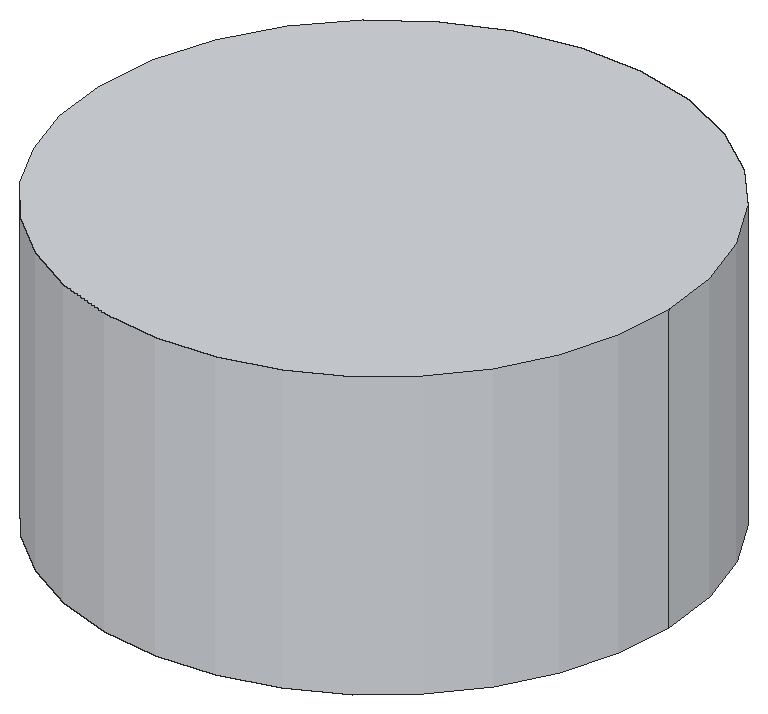
Revit family "09291200", category Specialty Equipment, Revit 2020
Family settings
  Round Connector Dimension = Use Diameter
  Part Type = Normal
  OmniClass Number = 23.40.40.14
  OmniClass Title = Food Service Equipment
  Work Plane-Based = No
  Always vertical = Yes
  Cut with Voids When Loaded = No
  Shared = No
  Room Calculation Point = No
Parameters (values of type "Standard")
  URL = "https://www.rustfriebergh.no/produkter/vannbad-varmeskap-varmeri/varmeskap-for-anretning-vsr-va/"
  Model = "09291200"
  Manufacturer = "RUSTFRIE BERGH AS"
  Description = "VSR-1200-VA"
  Default Elevation = 0 mm
Reference planes
  plane 1 "Center (Front/Back)": y = 0
  plane 2: z = 0
  plane 3 "Center (Left/Right)": x = 0
Forms (mm)
  Extrusion 1, solid
    sketch origin (496.5, 118.5, 148.5) x (0, 1, 0) y (1, 0, 0)
      loop
        circle (0, 0) r 3.048
    from 0 to -3.048
Dimensions and locks
  aligned and locked: level to plane 2
Connectors
  electrical at (496.5, 118.5, 148.5)
    settings: on Extrusion 1, index 1, voltage 230 V, apparent load 1975 VA, apparent load phase1 0 VA, apparent load phase2 0 VA, apparent load phase3 0 VA, power factor 0, load classification "Other", number of poles 1, system type 30, power factor state 1, is connector primary yes, connector utility no, sub classification motor no, connector description "230V 50/60HZ 8,58A"
